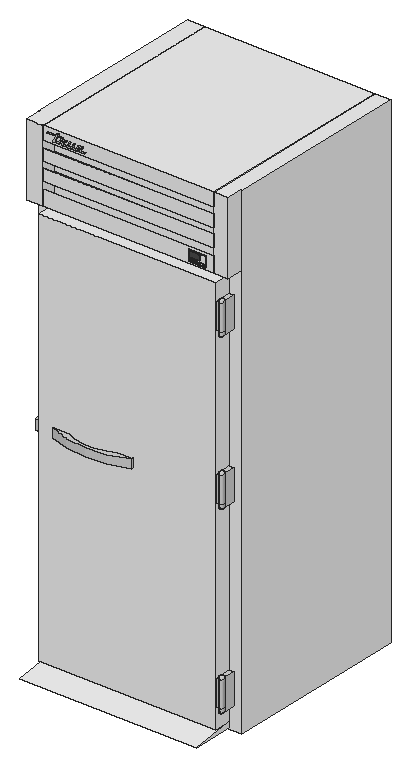
Revit family
Parameters
  Weight in Pounds = 0
  Watts = 2000 W
  Volts = 115 V
  URL Cutsheet = "www.truemfg.com"
  URL = "www.truemfg.com"
  Type Mark [instance] = ""
  Type Comments = ""
  Status [instance] = ""
  Specification by User [instance] = ""
  Specification by Manufacturer = ""
  Show Logo [instance] = yes
  Show Clearance [instance] = yes
  Serial Number = ""
  Seismic Rating = ""
  SMACNA No = ""
  Revision Code [instance] = ""
  Phase = 1
  Omniclass Number and Title = ""
  Number of Poles [instance] = 1
  NAFEM Spec ID Number = ""
  Model = "STG1HRI-1S"
  Min Ckt Ampacity = 0 A
  Max Overcurrent Protection = 0 A
  Masterspec = ""
  Manufacturer = "TRUE FOOD SERVICE EQUIPMENT, INC."
  Length = 35"
  Item Number [instance] = ""
  Installed By [instance] = ""
  Identify Quantity as Lot [instance] = yes
  Height = 83 3/4"
  HP = ""
  Furnished By [instance] = ""
  Foodservice Equipment Identifier [instance] = yes
  FL Amps = Watts / Volts  # 17.3913 A
  Electrical Remarks [instance] = ""
  Electric Connection Type [instance] = ""
  Elec Conn RI Height [instance] = 0"
  Elec Conn Connection Height [instance] = 0"
  Description = "Reach-in Solid Swing Heated Cabinet"
  Depth = 34 3/4"
  Cycle = 60 Hz
  Conn Plug = "14-20P"
  Conn Conduit = yes
  CSI MasterFormat = ""
  CSI Master Format = ""
  Apparent Power = if(Phase = 3, Volts * FL Amps * 1.73, Volts * FL Amps)  # 2000 VA
Reference planes (in)
  plane 1 "BACK": y = 0
  plane 2: z = 0
  plane 3 "LEFT": x = 0
  plane 4 "RIGHT": x = 35
  plane 5 "FRONT": y = -34.75
  plane 6 "TOP": z = 83.75
  plane 7: x = 2.84375
  plane 8: y = -34.7042
  plane 9: x = 32.15625
  plane 10: z = 69.90625
Forms (in)
  Extrusion 1, solid, material "QF_Finishes_Chrome - Satin"
    sketch origin (0.05, 0, 0) x (1, 0, 0) y (0, 1, 0)
      loop
        line (-0.05, 0) -> (-0.05, -32) -> (2.87859, -32) -> (2.87859, 0) -> (-0.05, 0)
    from 0 to 83.75
  Extrusion 2, solid, material "QF_Finishes_Chrome - Satin"
    sketch origin (50.15, 0, 0) x (1, 0, 0) y (0, 1, 0)
      loop
        line (-17.85, 0) -> (-17.85, -32) -> (-15.15, -32) -> (-15.15, 0) -> (-17.85, 0)
    from 0 to 83.75
  Extrusion 3, solid, material "QF_Finishes_Chrome - Satin"
    sketch origin (0, 0, 0) x (0, 1, 0) y (0, 0, 1)
      loop
        line (-34.7042, 71.28125) -> (-32, 71.28125) -> (-32, 0) -> (0, 0) -> (0, 83.75) -> (-34.7042, 83.75) -> (-34.7042, 81.46828) -> (-32.5, 79.90102) -> (-32.5, 78.77875) -> (-34.7042, 80.34601) -> (-34.7042, 78.2123) -> (-32.5, 76.64504) -> (-32.5, 75.68428) -> (-34.7042, 77.25154) -> (-34.7042, 75.15534) -> (-32.5, 73.58807) -> (-32.5, 72.3125) -> (-34.7042, 73.87976) -> (-34.7042, 71.28125)
    from 2.92859 to 32.3
  Extrusion 4, solid, material "QF_Finishes_Chrome - Satin"
    sketch origin (0, 0, 0) x (1, 0, 0) y (0, 1, 0)
      loop
        line (34.84782, -32) -> (32.3, -32) -> (32.3, -34.75) -> (34.84782, -34.75) -> (34.84782, -32)
    from 71.28125 to 83.75
  Extrusion 5, solid, material "QF_Finishes_Chrome - Satin"
    sketch origin (-50.125, 0, 0.25) x (1, 0, 0) y (0, 1, 0)
      loop
        line (53.05359, -32) -> (50.24109, -32) -> (50.24109, -34.75) -> (53.05359, -34.75) -> (53.05359, -32)
    from 71.03125 to 83.5
  Extrusion 6, solid, material "QF_Finishes_Chrome - Satin"
    sketch origin (-24.96875, -1, -0.71875) x (1, 0, 0) y (0, 0, 1)
      loop
        line (27.25, 1.71875) -> (57.65625, 1.71875) -> (57.65625, 70.625) -> (27.25, 70.625) -> (27.25, 1.71875)
    from 31 to 33.75
  Extrusion 7, solid, material "QF_Finishes_Handrails and Railings"
    sketch origin (58.625, -0.25, 25.43519) x (1, 0, 0) y (0, 1, 0)
      loop
        line (-53.875, -34.5) -> (-53.875, -34.7)
        arc (-53.875, -34.7) -> (-47.075, -36.14405) -> (-40.275, -34.7) r 16.7325
        line (-40.275, -34.7) -> (-40.275, -34.5) -> (-42.675, -34.5)
        arc (-42.675, -34.5) -> (-47.075, -35.65816) -> (-51.475, -34.5) r 8.93715
        line (-51.475, -34.5) -> (-53.875, -34.5)
    from 10.87731 to 12.37731
  Extrusion 8, solid, material "QF_Finishes_Handrails and Railings"
    sketch origin (-23.375, 0, -3) x (1, 0, 0) y (0, 0, 1)
      loop
        circle (26.4375, 40.0625) r 0.35
      loop
        line (26.47265, 40.33635) -> (26.41715, 40.33635) -> (26.41715, 39.76895) -> (26.47265, 39.76895) -> (26.47265, 40.33635)
    from 33.5 to 33.83066
  Extrusion 9, solid, material "QF_Finishes_Handrails and Railings", visible <- "Show Logo"
    sketch origin (0.33478, 0.06376, 5.01857) x (1, 0, 0) y (0, 0, 1)
      loop
        line (3.46044, 78.08731) -> (3.35478, 77.86073) -> (4.76027, 77.86073)
        arc (4.76027, 77.86073) -> (4.78879, 77.81028) -> (4.76027, 77.75984) r 0.05887
        line (4.76027, 77.75984) -> (4.39369, 76.97372)
        arc (4.39369, 76.97372) -> (4.39051, 76.90091) -> (4.43975, 76.84717) r 0.09523
        line (4.43975, 76.84717) -> (5.33844, 76.84717)
        arc (5.33844, 76.84717) -> (5.45192, 76.88295) -> (5.52436, 76.97735) r 0.19785
        line (5.52436, 76.97735) -> (5.81285, 77.59601) -> (6.0779, 77.59601)
        arc (6.0779, 77.59601) -> (6.14744, 77.57043) -> (6.13737, 77.49703) r 0.05911
        line (6.13737, 77.49703) -> (5.89598, 76.97937)
        arc (5.89598, 76.97937) -> (5.89974, 76.8934) -> (5.97231, 76.84717) r 0.09318
        line (5.97231, 76.84717) -> (6.76198, 76.84717)
        arc (6.76198, 76.84717) -> (6.82249, 76.86919) -> (6.85468, 76.92495) r 0.09412
        arc (6.85468, 76.92495) -> (6.87746, 76.86995) -> (6.93246, 76.84717) r 0.07778
        line (6.93246, 76.84717) -> (7.43246, 76.84717)
        arc (7.43246, 76.84717) -> (7.49022, 76.86265) -> (7.53251, 76.90493) r 0.11552
        arc (7.53251, 76.90493) -> (7.55275, 76.85606) -> (7.60162, 76.83581) r 0.06912
        line (7.60162, 76.83581) -> (8.31225, 76.83581)
        arc (8.31225, 76.83581) -> (8.37034, 76.85988) -> (8.39441, 76.91797) r 0.08216
        arc (8.39441, 76.91797) -> (8.44767, 76.86472) -> (8.52042, 76.84522) r 0.14551
        line (8.52042, 76.84522) -> (9.85158, 76.84522) -> (9.99946, 77.10134) -> (8.65678, 77.10134)
        arc (8.65678, 77.10134) -> (8.61972, 77.12704) -> (8.61834, 77.17211) r 0.05009
        line (8.61834, 77.17211) -> (8.64157, 77.22192)
        arc (8.64157, 77.22192) -> (8.67723, 77.26864) -> (8.73327, 77.28635) r 0.09747
        line (8.73327, 77.28635) -> (9.16485, 77.28635)
        arc (9.16485, 77.28635) -> (9.258, 77.31131) -> (9.32619, 77.3795) r 0.1863
        line (9.32619, 77.3795) -> (9.45119, 77.59601)
        arc (9.45119, 77.59601) -> (9.45119, 77.71157) -> (9.35111, 77.76934) r 0.11556
        line (9.35111, 77.76934) -> (8.89562, 77.76934)
        arc (8.89562, 77.76934) -> (8.7795, 77.74962) -> (8.69849, 77.66412) r 0.18605
        line (8.69849, 77.66412) -> (8.48204, 77.19993)
        arc (8.48204, 77.19993) -> (8.41815, 77.11667) -> (8.31806, 77.08511) r 0.1745
        line (8.31806, 77.08511) -> (7.84559, 77.08511)
        arc (7.84559, 77.08511) -> (7.78903, 77.14684) -> (7.79268, 77.23048) r 0.10939
        line (7.79268, 77.23048) -> (8.04395, 77.76934) -> (7.88403, 77.76934) -> (7.61781, 77.19844)
        arc (7.61781, 77.19844) -> (7.56609, 77.13103) -> (7.48505, 77.10548) r 0.14128
        line (7.48505, 77.10548) -> (7.15925, 77.10548)
        arc (7.15925, 77.10548) -> (7.10419, 77.17723) -> (7.116, 77.26689) r 0.11816
        line (7.116, 77.26689) -> (7.3503, 77.76934) -> (7.18514, 77.76934) -> (6.91546, 77.191)
        arc (6.91546, 77.191) -> (6.85285, 77.12839) -> (6.76733, 77.10548) r 0.17104
        line (6.76733, 77.10548) -> (6.29555, 77.10548)
        arc (6.29555, 77.10548) -> (6.21082, 77.14499) -> (6.20267, 77.23813) r 0.0935
        line (6.20267, 77.23813) -> (6.35774, 77.57069) -> (6.57695, 77.57069)
        arc (6.57695, 77.57069) -> (6.61395, 77.68217) -> (6.69267, 77.76934) r 0.2857
        line (6.69267, 77.76934) -> (5.83605, 77.76934)
        arc (5.83605, 77.76934) -> (5.74086, 77.74824) -> (5.67498, 77.67635) r 0.16212
        line (5.67498, 77.67635) -> (5.44279, 77.17841)
        arc (5.44279, 77.17841) -> (5.3894, 77.12502) -> (5.31647, 77.10548) r 0.14586
        line (5.31647, 77.10548) -> (4.80506, 77.10548)
        arc (4.80506, 77.10548) -> (4.76514, 77.15942) -> (4.77274, 77.22609) r 0.09155
        line (4.77274, 77.22609) -> (5.11018, 77.86073) -> (5.96155, 77.86073) -> (6.06721, 78.08731) -> (5.21584, 78.08731) -> (5.32149, 78.31388) -> (5.01862, 78.31388) -> (4.91297, 78.08731) -> (3.46044, 78.08731)
      loop
        arc (8.83805, 77.56363) -> (8.80119, 77.55375) -> (8.7742, 77.52676) r 0.07373
        line (8.7742, 77.52676) -> (8.75229, 77.45936)
        arc (8.75229, 77.45936) -> (8.76245, 77.43483) -> (8.78699, 77.42466) r 0.0347
        line (8.78699, 77.42466) -> (9.15948, 77.42466)
        arc (9.15948, 77.42466) -> (9.18632, 77.43061) -> (9.20812, 77.44734) r 0.0635
        line (9.20812, 77.44734) -> (9.22624, 77.53122)
        arc (9.22624, 77.53122) -> (9.22091, 77.55368) -> (9.20009, 77.56363) r 0.02676
        line (9.20009, 77.56363) -> (8.83805, 77.56363)
    from 34.76797 to 34.83173
  Extrusion 10, solid, material "QF_Finishes_White"
    sketch origin (-22.74812, 0.0458, -7.91247) x (1, 0, 0) y (0, 0, 1)
      loop
        line (50.81732, 81.35727) -> (50.81732, 79.60996) -> (53.72357, 79.60996) -> (53.72357, 81.35727) -> (50.81732, 81.35727)
    from 34.75 to 34.76797
  Extrusion 11, solid, material "QF_Finishes_Black"
    sketch origin (-22.74812, 0.0458, -7.91247) x (1, 0, 0) y (0, 0, 1)
      loop
        line (53.78607, 81.41977) -> (50.75482, 81.41977) -> (50.75482, 79.54746) -> (53.78607, 79.54746) -> (53.78607, 81.41977)
      loop
        spline (50.95482, 79.87872) -> (50.96333, 79.86254) -> (50.98831, 79.84747) -> (51.02804, 79.83452) -> (51.07982, 79.82459) -> (51.14011, 79.81835) -> (51.20482, 79.81622) -> (51.26952, 79.81835) -> (51.32982, 79.82459) -> (51.38159, 79.83452) -> (51.42132, 79.84747) -> (51.4463, 79.86254) -> (51.45482, 79.87872)
        spline (51.45482, 79.87872) -> (51.4463, 79.89489) -> (51.42132, 79.90997) -> (51.38159, 79.92291) -> (51.32982, 79.93284) -> (51.26952, 79.93909) -> (51.20482, 79.94122) -> (51.14011, 79.93909) -> (51.07982, 79.93284) -> (51.02804, 79.92291) -> (50.98831, 79.90997) -> (50.96333, 79.89489) -> (50.95482, 79.87872)
      loop
        spline (51.65083, 79.87872) -> (51.65935, 79.86254) -> (51.68432, 79.84747) -> (51.72405, 79.83452) -> (51.77583, 79.82459) -> (51.83612, 79.81835) -> (51.90083, 79.81622) -> (51.96553, 79.81835) -> (52.02583, 79.82459) -> (52.07761, 79.83452) -> (52.11734, 79.84747) -> (52.14231, 79.86254) -> (52.15083, 79.87872)
        spline (52.15083, 79.87872) -> (52.14231, 79.89489) -> (52.11734, 79.90997) -> (52.07761, 79.92291) -> (52.02583, 79.93284) -> (51.96553, 79.93909) -> (51.90083, 79.94122) -> (51.83612, 79.93909) -> (51.77583, 79.93284) -> (51.72405, 79.92291) -> (51.68432, 79.90997) -> (51.65935, 79.89489) -> (51.65083, 79.87872)
      loop
        spline (52.40083, 79.87872) -> (52.40935, 79.86254) -> (52.43432, 79.84747) -> (52.47405, 79.83452) -> (52.52583, 79.82459) -> (52.58612, 79.81835) -> (52.65083, 79.81622) -> (52.71553, 79.81835) -> (52.77583, 79.82459) -> (52.82761, 79.83452) -> (52.86734, 79.84747) -> (52.89231, 79.86254) -> (52.90083, 79.87872)
        spline (52.90083, 79.87872) -> (52.89231, 79.89489) -> (52.86734, 79.90997) -> (52.82761, 79.92291) -> (52.77583, 79.93284) -> (52.71553, 79.93909) -> (52.65083, 79.94122) -> (52.58612, 79.93909) -> (52.52583, 79.93284) -> (52.47405, 79.92291) -> (52.43432, 79.90997) -> (52.40935, 79.89489) -> (52.40083, 79.87872)
      loop
        line (50.95481, 81.21978) -> (50.95481, 80.21978) -> (52.65433, 80.21978) -> (52.65433, 81.21978) -> (50.95481, 81.21978)
      loop
        line (53.72357, 81.35727) -> (50.81732, 81.35727) -> (50.81732, 79.60996) -> (53.72357, 79.60996) -> (53.72357, 81.35727)
      loop
        spline (53.15083, 79.87872) -> (53.15935, 79.86254) -> (53.18432, 79.84747) -> (53.22405, 79.83452) -> (53.27583, 79.82459) -> (53.33612, 79.81835) -> (53.40083, 79.81622) -> (53.46553, 79.81835) -> (53.52583, 79.82459) -> (53.57761, 79.83452) -> (53.61734, 79.84747) -> (53.64231, 79.86254) -> (53.65083, 79.87872)
        spline (53.65083, 79.87872) -> (53.64231, 79.89489) -> (53.61734, 79.90997) -> (53.57761, 79.92291) -> (53.52583, 79.93284) -> (53.46553, 79.93909) -> (53.40083, 79.94122) -> (53.33612, 79.93909) -> (53.27583, 79.93284) -> (53.22405, 79.92291) -> (53.18432, 79.90997) -> (53.15935, 79.89489) -> (53.15083, 79.87872)
    from 34.76797 to 34.80335
  Extrusion 12, solid
    sketch origin (-25.125, 0, 0) x (1, 0, 0) y (0, 0, 1)
      loop
        circle (56.875, 81.625) r 0.25
    from 0 to 0.0625
  Blend 13, solid, material "QF_Finishes_Handrails and Railings"
    base sketch origin (27.53125, -1, -1) x (-1, 0, 0) y (0, 0, -1)
      loop
        line (25.25, -38.99169) -> (26, -38.99169) -> (26, -37.24169) -> (25.25, -37.24169) -> (25.25, -38.99169)
    top sketch origin (27.53125, 0, -1) x (-1, 0, 0) y (0, 0, -1)
      loop
        line (26.18223, -36.6441) -> (25.25, -36.6441) -> (25.25, -39.42643) -> (26.18223, -39.42643) -> (26.18223, -36.6441)
    from 33.57883 to 32
  Extrusion 14, solid, material "QF_Finishes_Handrails and Railings"
    sketch origin (33.78125, 0, 3) x (0, 1, 0) y (0, 0, -1)
      loop
        line (-32, -64.17729) -> (-32, -58.86127) -> (-34.25, -58.86127) -> (-34.25, -59.57348) -> (-33.81497, -59.57348) -> (-33.81497, -63.97276)
        arc (-33.81497, -63.97276) -> (-33.75506, -64.11738) -> (-33.61044, -64.17729) r 0.20453
        line (-33.61044, -64.17729) -> (-32, -64.17729)
    from 0.17506 to 1
  Revolve 15, solid, material "QF_Finishes_Handrails and Railings"
    sketch origin (33.28125, 0, 3) x (0, 1, 0) y (0, 0, -1)
      loop
        line (-34.26563, -59.62689) -> (-34.67229, -59.62689) -> (-34.67229, -64.0986)
        arc (-34.67229, -64.0986) -> (-34.53722, -64.35057) -> (-34.26563, -64.43983) r 0.3848
        line (-34.26563, -64.43983) -> (-34.26563, -59.62689)
      loop
        line (-34.26563, -59.57348) -> (-34.26563, -58.67281)
        arc (-34.26563, -58.67281) -> (-34.53264, -58.75883) -> (-34.67229, -59.00212) r 0.38884
        line (-34.67229, -59.00212) -> (-34.67229, -59.57348) -> (-34.26563, -59.57348)
      axis (-34.26563, -58.67281) -> (-34.26563, -64.43983)
    angle from 0 to 360
  Extrusion 16, solid, material "QF_Finishes_Handrails and Railings"
    sketch origin (27.5, -1.07734, 3.0011) x (-1, 0, 0) y (0, 0, -1)
      loop
        line (-5.58509, -64.0986) -> (-5.1875, -64.0986) -> (-5.1875, -59.62579) -> (-5.58509, -59.62579) -> (-5.58509, -64.0986)
    from 32.81497 to 33.59495
  Extrusion 17, solid, material "QF_Finishes_Handrails and Railings"
    sketch origin (33.78125, 0, -24) x (0, 1, 0) y (0, 0, -1)
      loop
        line (-32, -64.55229) -> (-32, -59.23627) -> (-34.25, -59.23627) -> (-34.25, -59.94848) -> (-33.81497, -59.94848) -> (-33.81497, -64.34776)
        arc (-33.81497, -64.34776) -> (-33.75506, -64.49238) -> (-33.61044, -64.55229) r 0.20453
        line (-33.61044, -64.55229) -> (-32, -64.55229)
    from 0.17506 to 1
  Revolve 18, solid, material "QF_Finishes_Handrails and Railings"
    sketch origin (33.28125, 0, -24) x (0, 1, 0) y (0, 0, -1)
      loop
        line (-34.26563, -60.00189) -> (-34.67229, -60.00189) -> (-34.67229, -64.4736)
        arc (-34.67229, -64.4736) -> (-34.53722, -64.72557) -> (-34.26563, -64.81483) r 0.3848
        line (-34.26563, -64.81483) -> (-34.26563, -60.00189)
      loop
        line (-34.26563, -59.94848) -> (-34.26563, -59.04781)
        arc (-34.26563, -59.04781) -> (-34.53264, -59.13383) -> (-34.67229, -59.37712) r 0.38884
        line (-34.67229, -59.37712) -> (-34.67229, -59.94848) -> (-34.26563, -59.94848)
      axis (-34.26563, -59.04781) -> (-34.26563, -64.81483)
    angle from 0 to 360
  Extrusion 19, solid, material "QF_Finishes_Handrails and Railings"
    sketch origin (27.5, -1.07734, -23.9989) x (-1, 0, 0) y (0, 0, -1)
      loop
        line (-5.58509, -64.4736) -> (-5.1875, -64.4736) -> (-5.1875, -60.00079) -> (-5.58509, -60.00079) -> (-5.58509, -64.4736)
    from 32.81497 to 33.59495
  Extrusion 20, solid, material "QF_Finishes_Handrails and Railings"
    sketch origin (33.78125, 0, -55.5) x (0, 1, 0) y (0, 0, -1)
      loop
        line (-32, -64.55229) -> (-32, -59.23627) -> (-34.25, -59.23627) -> (-34.25, -59.94848) -> (-33.81497, -59.94848) -> (-33.81497, -64.34776)
        arc (-33.81497, -64.34776) -> (-33.75506, -64.49238) -> (-33.61044, -64.55229) r 0.20453
        line (-33.61044, -64.55229) -> (-32, -64.55229)
    from 0.17506 to 1
  Revolve 21, solid, material "QF_Finishes_Handrails and Railings"
    sketch origin (33.28125, 0, -55.5) x (0, 1, 0) y (0, 0, -1)
      loop
        line (-34.26563, -60.00189) -> (-34.67229, -60.00189) -> (-34.67229, -64.4736)
        arc (-34.67229, -64.4736) -> (-34.53722, -64.72557) -> (-34.26563, -64.81483) r 0.3848
        line (-34.26563, -64.81483) -> (-34.26563, -60.00189)
      loop
        line (-34.26563, -59.94848) -> (-34.26563, -59.04781)
        arc (-34.26563, -59.04781) -> (-34.53264, -59.13383) -> (-34.67229, -59.37712) r 0.38884
        line (-34.67229, -59.37712) -> (-34.67229, -59.94848) -> (-34.26563, -59.94848)
      axis (-34.26563, -59.04781) -> (-34.26563, -64.81483)
    angle from 0 to 360
  Extrusion 22, solid, material "QF_Finishes_Handrails and Railings"
    sketch origin (27.5, -1.07734, -55.4989) x (-1, 0, 0) y (0, 0, -1)
      loop
        line (-5.58509, -64.4736) -> (-5.1875, -64.4736) -> (-5.1875, -60.00079) -> (-5.58509, -60.00079) -> (-5.58509, -64.4736)
    from 32.81497 to 33.59495
  Extrusion 23, solid, material "QF_Finishes_Door Clearance", visible <- "Show Clearance", detail levels coarse
    sketch origin (26.42841, -3.6098, 0) x (1, 0, 0) y (0, 1, 0)
      loop
        line (6.25909, -31.1402) -> (-24.14716, -31.1402)
        arc (-24.14716, -31.1402) -> (-15.24138, -52.64067) -> (6.25909, -61.54645) r 30.40625
        line (6.25909, -61.54645) -> (6.25909, -31.1402)
    from 1 to 69.90625
  Extrusion 24, solid, material "QF_Finishes_Chrome - Satin"
    sketch origin (32.6875, -1, 8.03125) x (0, 0, 1) y (0, -1, 0)
      loop
        line (-8.03125, 37.875) -> (-8.03125, 31) -> (-7.03125, 31) -> (-8.03125, 37.875)
    from 0 to -30.40625
Cuts and joins
  joined: Extrusion 1, Extrusion 2, Extrusion 4, Extrusion 5
Lines and regions (in)
  symbolic lines
    curve 1: line (0, 0, 0) -> (35, 0, 0)
    curve 2: line (0, -34.75, 0) -> (0, 0, 0)
    curve 3: line (35, -34.75, 0) -> (0, -34.75, 0)
    curve 4: line (35, 0, 0) -> (35, -34.75, 0)
    curve 5: line (35, -32.5, 0) -> (0, -32.5, 0)
    curve 6: arc (15.95746, -34.75, 0) -> (11.55746, -35.90816, 0) -> (7.15746, -34.75, 0) r 8.93715
    curve 7: arc (4.75746, -34.95, 0) -> (11.55746, -36.39405, 0) -> (18.35746, -34.95, 0) r 16.7325
    curve 8: line (4.75746, -34.75, 0) -> (4.75746, -34.95, 0)
    curve 9: line (18.35746, -34.95, 0) -> (18.35746, -34.75, 0)
  symbolic lines, style "QF-Door Swings", visible <- "Show Clearance", detail levels coarse
    curve 10: line (32.6875, -34.75, 0) -> (32.6875, -65.15625, 0)
    curve 11: arc (32.6875, -65.15625, 0) -> (11.18703, -56.25047, 0) -> (2.28125, -34.75, 0) r 30.40625
Dimensions and locks (in)
  "Depth": plane 5 "FRONT" to plane 1 "BACK"
  plane 6 "TOP" to level = 83 3/4"  (x2)
  Extrusion 6 sketch curve to Extrusion 6 sketch curve = 30 13/32"
  Extrusion 6 to plane 1 "BACK" = 34 3/4"
  "Length": plane 3 "LEFT" to plane 4 "RIGHT"
  plane 4 "RIGHT" to plane 3 "LEFT" = 35"
  plane 10 to level = 69 29/32"
  aligned and locked: level to plane 2
Automatic sketch dimensions
  Extrusion 1 sketch curve to plane 3 "LEFT" = 0"
  plane 1 "BACK" to Extrusion 1 sketch curve = 0"
  Extrusion 1 sketch curve to Extrusion 1 sketch curve = 2.92859"
  Extrusion 1 sketch curve to plane 5 "FRONT" = 2 3/4"
  plane 1 "BACK" to Extrusion 2 sketch curve = 0"
  Extrusion 2 sketch curve to plane 4 "RIGHT" = 0"
  Extrusion 2 sketch curve to plane 5 "FRONT" = 2 3/4"
  plane 5 "FRONT" to Extrusion 4 sketch curve = 0"
  Extrusion 4 sketch curve to plane 4 "RIGHT" = 0.15218"
  Extrusion 4 sketch curve to plane 5 "FRONT" = 2 3/4"
  plane 5 "FRONT" to Extrusion 5 sketch curve = 0"
  plane 3 "LEFT" to Extrusion 5 sketch curve = 0.11609"
  Extrusion 5 sketch curve to Extrusion 5 sketch curve = 2 13/16"
  Extrusion 5 sketch curve to plane 5 "FRONT" = 2 3/4"
  plane 5 "FRONT" to Extrusion 7 sketch curve = 0"  (x2)
  Extrusion 7 sketch curve to Extrusion 7 sketch curve = 2.4"  (x2)
  Extrusion 7 sketch curve to Extrusion 7 sketch curve = 4.4"
  Extrusion 7 sketch curve to Extrusion 7 sketch curve = 0"
  Extrusion 7 sketch curve to Extrusion 7 sketch curve = 0.2"
  Extrusion 7 sketch curve to plane 5 "FRONT" = 7.77899"
  Extrusion 7 sketch curve to Extrusion 7 sketch curve = 7.30945"
  Extrusion 8 sketch curve to Extrusion 8 sketch curve = 0.02035"
  Extrusion 8 sketch curve to Extrusion 8 sketch curve = 0.0555"
  Extrusion 8 sketch curve to Extrusion 8 sketch curve = 0.29355"
  Extrusion 8 sketch curve to Extrusion 8 sketch curve = 0.27385"
  plane 3 "LEFT" to Extrusion 9 sketch curve = 3.68957"
  Extrusion 9 sketch curve to Extrusion 9 sketch curve = 0.10565"  (x5)
  Extrusion 9 sketch curve to Extrusion 9 sketch curve = 1.03891"
  Extrusion 9 sketch curve to Extrusion 9 sketch curve = 0.04606"
  Extrusion 9 sketch curve to Extrusion 9 sketch curve = 0.04025"
  Extrusion 9 sketch curve to Extrusion 9 sketch curve = 0.33624"
  Extrusion 9 sketch curve to Extrusion 9 sketch curve = 0.03034"  (x2)
  Extrusion 9 sketch curve to Extrusion 9 sketch curve = 0.29274"
  Extrusion 9 sketch curve to Extrusion 9 sketch curve = 0.03232"
  Extrusion 9 sketch curve to Extrusion 9 sketch curve = 0.08083"
  Extrusion 9 sketch curve to Extrusion 9 sketch curve = 0.1527"
  Extrusion 9 sketch curve to Extrusion 9 sketch curve = 0.19721"
  Extrusion 9 sketch curve to Extrusion 9 sketch curve = 0.4629"
  Extrusion 9 sketch curve to Extrusion 9 sketch curve = 0.02197"
  Extrusion 9 sketch curve to Extrusion 9 sketch curve = 0.12632"
  Extrusion 9 sketch curve to Extrusion 9 sketch curve = 0.18591"
  Extrusion 9 sketch curve to Extrusion 9 sketch curve = 0.2322"
  Extrusion 9 sketch curve to Extrusion 9 sketch curve = 0.13786"
  Extrusion 9 sketch curve to Extrusion 9 sketch curve = 0.00907"
  Extrusion 9 sketch curve to Extrusion 9 sketch curve = 0.01413"
  Extrusion 9 sketch curve to Extrusion 9 sketch curve = 0.37162"
  Extrusion 9 sketch curve to Extrusion 9 sketch curve = 0.12551"
  Extrusion 9 sketch curve to Extrusion 9 sketch curve = 0.07633"
  Extrusion 9 sketch curve to Extrusion 9 sketch curve = 0.08445"
  Extrusion 9 sketch curve to Extrusion 9 sketch curve = 0.25598"
  Extrusion 9 sketch curve to Extrusion 9 sketch curve = 0.01887"
  Extrusion 9 sketch curve to Extrusion 9 sketch curve = 0.04061"
  Extrusion 9 sketch curve to Extrusion 9 sketch curve = 0.0653"
  Extrusion 9 sketch curve to Extrusion 9 sketch curve = 0.08474"
  Extrusion 9 sketch curve to Extrusion 9 sketch curve = 0.00815"
  Extrusion 9 sketch curve to Extrusion 9 sketch curve = 0.22037"
  Extrusion 9 sketch curve to Extrusion 9 sketch curve = 0.21921"
  Extrusion 9 sketch curve to Extrusion 9 sketch curve = 0.11572"
  Extrusion 9 sketch curve to Extrusion 9 sketch curve = 0.46643"
  Extrusion 9 sketch curve to Extrusion 9 sketch curve = 0.00535"
  Extrusion 9 sketch curve to Extrusion 9 sketch curve = 0.09269"
  Extrusion 9 sketch curve to Extrusion 9 sketch curve = 0.09348"
  Extrusion 9 sketch curve to Extrusion 9 sketch curve = 0.14812"
  Extrusion 9 sketch curve to Extrusion 9 sketch curve = 0.07778"  (x3)
  Extrusion 9 sketch curve to Extrusion 9 sketch curve = 0.20054"
  Extrusion 9 sketch curve to Extrusion 9 sketch curve = 0.04325"
  Extrusion 9 sketch curve to Extrusion 9 sketch curve = 0.32433"
  Extrusion 9 sketch curve to Extrusion 9 sketch curve = 0.10233"  (x2)
  Extrusion 9 sketch curve to Extrusion 9 sketch curve = 0.16515"
  Extrusion 9 sketch curve to Extrusion 9 sketch curve = 0.27321"
  Extrusion 9 sketch curve to Extrusion 9 sketch curve = 0.0526"
  Extrusion 9 sketch curve to Extrusion 9 sketch curve = 0.10005"
  Extrusion 9 sketch curve to Extrusion 9 sketch curve = 0.06912"
  Extrusion 9 sketch curve to Extrusion 9 sketch curve = 0.13276"
  Extrusion 9 sketch curve to Extrusion 9 sketch curve = 0.17486"
  Extrusion 9 sketch curve to Extrusion 9 sketch curve = 0.05291"
  Extrusion 9 sketch curve to Extrusion 9 sketch curve = 0.53374"
  Extrusion 9 sketch curve to Extrusion 9 sketch curve = 0.09914"  (x2)
  Extrusion 9 sketch curve to Extrusion 9 sketch curve = 0.15992"
  Extrusion 9 sketch curve to Extrusion 9 sketch curve = 0.46666"
  Extrusion 9 sketch curve to Extrusion 9 sketch curve = 0.00582"
  Extrusion 9 sketch curve to Extrusion 9 sketch curve = 0.08216"
  Extrusion 9 sketch curve to Extrusion 9 sketch curve = 0.16397"
  Extrusion 9 sketch curve to Extrusion 9 sketch curve = 0.12601"
  Extrusion 9 sketch curve to Extrusion 9 sketch curve = 0.1363"
  Extrusion 9 sketch curve to Extrusion 9 sketch curve = 0.02323"
  Extrusion 9 sketch curve to Extrusion 9 sketch curve = 0.03844"
  Extrusion 9 sketch curve to Extrusion 9 sketch curve = 0.0454"
  Extrusion 9 sketch curve to Extrusion 9 sketch curve = 0.05693"
  Extrusion 9 sketch curve to Extrusion 9 sketch curve = 0.0917"
  Extrusion 9 sketch curve to Extrusion 9 sketch curve = 0.01902"
  Extrusion 9 sketch curve to Extrusion 9 sketch curve = 0.02191"
  Extrusion 9 sketch curve to Extrusion 9 sketch curve = 0.0347"
  Extrusion 9 sketch curve to Extrusion 9 sketch curve = 0.06385"
  Extrusion 9 sketch curve to Extrusion 9 sketch curve = 0.02906"
  Extrusion 9 sketch curve to Extrusion 9 sketch curve = 0.02851"
  Extrusion 9 sketch curve to Extrusion 9 sketch curve = 0.29237"
  Extrusion 9 sketch curve to Extrusion 9 sketch curve = 0.00537"
  Extrusion 9 sketch curve to Extrusion 9 sketch curve = 0.0406"
  Extrusion 9 sketch curve to Extrusion 9 sketch curve = 0.04327"
  Extrusion 9 sketch curve to Extrusion 9 sketch curve = 0.02615"
  Extrusion 9 sketch curve to Extrusion 9 sketch curve = 0.11806"
  Extrusion 9 sketch curve to Extrusion 9 sketch curve = 0.15103"
  Extrusion 9 sketch curve to Extrusion 9 sketch curve = 0.10007"
  Extrusion 9 sketch curve to Extrusion 9 sketch curve = 0.5254"
  Extrusion 9 sketch curve to Extrusion 9 sketch curve = 0.14787"
  Extrusion 9 sketch curve to plane 6 "TOP" = 1.89562"
  Extrusion 9 sketch curve to Extrusion 9 sketch curve = 0.07275"
  Extrusion 9 sketch curve to Extrusion 9 sketch curve = 0.05776"
  Extrusion 9 sketch curve to Extrusion 9 sketch curve = 0.08631"
  Extrusion 9 sketch curve to Extrusion 9 sketch curve = 0.09282"
  Extrusion 9 sketch curve to Extrusion 9 sketch curve = 0.13018"
  Extrusion 9 sketch curve to Extrusion 9 sketch curve = 0.16714"
  Extrusion 9 sketch curve to Extrusion 9 sketch curve = 0.11061"
  Extrusion 9 sketch curve to Extrusion 9 sketch curve = 0.06046"
  Extrusion 9 sketch curve to Extrusion 9 sketch curve = 0.16548"
  Extrusion 9 sketch curve to Extrusion 9 sketch curve = 0.14279"
  Extrusion 9 sketch curve to Extrusion 9 sketch curve = 0.0496"
  Extrusion 9 sketch curve to Extrusion 9 sketch curve = 0.07293"
  Extrusion 9 sketch curve to Extrusion 9 sketch curve = 0.07764"
  Extrusion 9 sketch curve to Extrusion 9 sketch curve = 0.03794"
  Extrusion 9 sketch curve to Extrusion 9 sketch curve = 0.08552"
  Extrusion 9 sketch curve to Extrusion 9 sketch curve = 0.09296"
  Extrusion 9 sketch curve to Extrusion 9 sketch curve = 0.09314"
  Extrusion 9 sketch curve to Extrusion 9 sketch curve = 0.02781"
  Extrusion 9 sketch curve to Extrusion 9 sketch curve = 0.04981"
  Extrusion 9 sketch curve to Extrusion 9 sketch curve = 0.09315"
  Extrusion 9 sketch curve to Extrusion 9 sketch curve = 0.04799"
  Extrusion 9 sketch curve to Extrusion 9 sketch curve = 0.02531"
  Extrusion 9 sketch curve to Extrusion 9 sketch curve = 0.03054"
  Extrusion 9 sketch curve to Extrusion 9 sketch curve = 0.2589"
  Extrusion 9 sketch curve to Extrusion 9 sketch curve = 0.0674"
  Extrusion 9 sketch curve to Extrusion 9 sketch curve = 0.0324"
  Extrusion 9 sketch curve to Extrusion 9 sketch curve = 0.26185"
  Extrusion 9 sketch curve to Extrusion 9 sketch curve = 11/256"
  Extrusion 9 sketch curve to Extrusion 9 sketch curve = 0.07366"
  Extrusion 9 sketch curve to Extrusion 9 sketch curve = 0.02187"
  Extrusion 9 sketch curve to Extrusion 9 sketch curve = 0.06479"
  Extrusion 9 sketch curve to Extrusion 9 sketch curve = 0.01183"
  Extrusion 9 sketch curve to Extrusion 9 sketch curve = 0.05778"
  Extrusion 9 sketch curve to Extrusion 9 sketch curve = 0.53375"
  Extrusion 9 sketch curve to Extrusion 9 sketch curve = 0.23098"
  Extrusion 9 sketch curve to Extrusion 9 sketch curve = 0"
  Extrusion 9 sketch curve to Extrusion 9 sketch curve = 0.05045"
  Extrusion 9 sketch curve to Extrusion 9 sketch curve = 0.09139"
  Extrusion 9 sketch curve to Extrusion 9 sketch curve = 29/128"  (x3)
  Extrusion 12 sketch curve to plane 6 "TOP" = 2 1/8"
  Blend 13 sketch curve to Blend 13 sketch curve = 1 3/4"
  Blend 13 sketch curve to Blend 13 sketch curve = 2.78233"
  Extrusion 14 sketch curve to plane 5 "FRONT" = 1/2"
  Extrusion 14 sketch curve to Extrusion 14 sketch curve = 0.43503"
  Extrusion 14 sketch curve to Extrusion 14 sketch curve = 0.20453"
  Extrusion 14 sketch curve to Extrusion 14 sketch curve = 1.61044"
  Extrusion 14 sketch curve to plane 6 "TOP" = 16.57271"
  Extrusion 14 sketch curve to Extrusion 14 sketch curve = 4.39928"
  Extrusion 14 sketch curve to Extrusion 14 sketch curve = 0.71221"
  Revolve 15 sketch curve to plane 5 "FRONT" = 0.07771"  (x2)
  Revolve 15 sketch curve to Revolve 15 sketch curve = 0.38242"
  Revolve 15 sketch curve to Revolve 15 sketch curve = 0.38436"
  Revolve 15 sketch curve to plane 5 "FRONT" = 31/64"
  Revolve 15 sketch curve to Revolve 15 sketch curve = 0.40666"
  Revolve 15 sketch curve to Revolve 15 sketch curve = 0"
  Revolve 15 sketch curve to plane 6 "TOP" = 15.75492"
  Revolve 15 sketch curve to Revolve 15 sketch curve = 0.55526"
  Revolve 15 sketch curve to Revolve 15 sketch curve = 0.19474"
  Revolve 15 sketch curve to Revolve 15 sketch curve = 0.14649"
  Revolve 15 sketch curve to Revolve 15 sketch curve = 4.42889"
  Revolve 15 sketch curve to Revolve 15 sketch curve = 0.05342"
  Revolve 15 sketch curve to Revolve 15 sketch curve = 0.51246"
  Revolve 15 sketch curve to Revolve 15 sketch curve = 0.05889"
  Extrusion 16 sketch curve to Extrusion 16 sketch curve = 0.39759"
  Extrusion 16 sketch curve to plane 6 "TOP" = 16.6503"
  Extrusion 16 sketch curve to Extrusion 16 sketch curve = 4.47281"
  Extrusion 17 sketch curve to plane 5 "FRONT" = 1/2"
  Extrusion 17 sketch curve to Extrusion 17 sketch curve = 0.43503"
  Extrusion 17 sketch curve to Extrusion 17 sketch curve = 0.20453"
  Extrusion 17 sketch curve to Extrusion 17 sketch curve = 1.61044"
  Extrusion 17 sketch curve to Extrusion 17 sketch curve = 4.39928"
  Extrusion 17 sketch curve to Extrusion 17 sketch curve = 0.71221"
  Revolve 18 sketch curve to plane 5 "FRONT" = 0.07771"  (x2)
  Revolve 18 sketch curve to Revolve 18 sketch curve = 0.38242"
  Revolve 18 sketch curve to Revolve 18 sketch curve = 0.38436"
  Revolve 18 sketch curve to plane 5 "FRONT" = 31/64"
  Revolve 18 sketch curve to Revolve 18 sketch curve = 0.40666"
  Revolve 18 sketch curve to Revolve 18 sketch curve = 0"
  Revolve 18 sketch curve to Revolve 18 sketch curve = 0.55526"
  Revolve 18 sketch curve to Revolve 18 sketch curve = 0.19474"
  Revolve 18 sketch curve to Revolve 18 sketch curve = 0.14649"
  Revolve 18 sketch curve to Revolve 18 sketch curve = 4.42889"
  Revolve 18 sketch curve to Revolve 18 sketch curve = 0.05342"
  Revolve 18 sketch curve to Revolve 18 sketch curve = 0.51246"
  Revolve 18 sketch curve to Revolve 18 sketch curve = 0.05889"
  Extrusion 19 sketch curve to Extrusion 19 sketch curve = 0.39759"
  Extrusion 19 sketch curve to Extrusion 19 sketch curve = 4.47281"
  Extrusion 20 sketch curve to plane 5 "FRONT" = 1/2"
  Extrusion 20 sketch curve to Extrusion 20 sketch curve = 0.43503"
  Extrusion 20 sketch curve to Extrusion 20 sketch curve = 0.20453"
  Extrusion 20 sketch curve to Extrusion 20 sketch curve = 1.61044"
  Extrusion 20 sketch curve to Extrusion 20 sketch curve = 0.71221"
  Revolve 21 sketch curve to plane 5 "FRONT" = 0.07771"  (x2)
  Revolve 21 sketch curve to Revolve 21 sketch curve = 0.38242"
  Revolve 21 sketch curve to Revolve 21 sketch curve = 0.38436"
  Revolve 21 sketch curve to plane 5 "FRONT" = 31/64"
  Revolve 21 sketch curve to Revolve 21 sketch curve = 0.40666"
  Revolve 21 sketch curve to Revolve 21 sketch curve = 0"
  Revolve 21 sketch curve to Revolve 21 sketch curve = 0.55526"
  Revolve 21 sketch curve to Revolve 21 sketch curve = 0.19474"
  Revolve 21 sketch curve to Revolve 21 sketch curve = 0.14649"
  Revolve 21 sketch curve to Revolve 21 sketch curve = 0.05342"
  Revolve 21 sketch curve to Revolve 21 sketch curve = 0.51246"
  Revolve 21 sketch curve to Revolve 21 sketch curve = 0.05889"
  Extrusion 22 sketch curve to Extrusion 22 sketch curve = 0.39759"
  Extrusion 3 sketch curve to plane 8 = 0"  (x4)
  Extrusion 3 sketch curve to plane 6 "TOP" = 0"
  plane 8 to Extrusion 3 sketch curve = 2.2042"  (x2)
  Extrusion 3 sketch curve to Extrusion 3 sketch curve = 0"
  Extrusion 3 sketch curve to Extrusion 3 sketch curve = 1/2"
  plane 1 "BACK" to Extrusion 3 sketch curve = 0"
  Extrusion 3 sketch curve to plane 6 "TOP" = 2.28172"
  Extrusion 3 sketch curve to Extrusion 3 sketch curve = 1.12227"  (x2)
  Extrusion 3 sketch curve to Extrusion 3 sketch curve = 0.445"
  Extrusion 3 sketch curve to Extrusion 3 sketch curve = 2.13371"  (x2)
  Extrusion 3 sketch curve to Extrusion 3 sketch curve = 0.96076"  (x2)
  Extrusion 3 sketch curve to Extrusion 3 sketch curve = 2.0962"  (x2)
  Extrusion 3 sketch curve to Extrusion 3 sketch curve = 1.27557"  (x2)
  Extrusion 3 sketch curve to Extrusion 3 sketch curve = 1 1/32"
  Blend 13 sketch curve to Blend 13 sketch curve = 3/4"
  Blend 13 sketch curve to Blend 13 sketch curve = 0.93223"
  Extrusion 2 sketch curve to plane 4 "RIGHT" = 2.7"
  Extrusion 4 sketch curve to Extrusion 4 sketch curve = 2.54782"
  plane 7 to Extrusion 7 sketch curve = 1 29/32"
  plane 7 to Extrusion 8 sketch curve = 0.1984"
  Extrusion 12 sketch curve to plane 4 "RIGHT" = 3 1/4"
  Blend 13 sketch curve to plane 7 = 9/16"
  plane 7 to Blend 13 sketch curve = 9/16"
  Extrusion 16 sketch curve to plane 4 "RIGHT" = 1.91491"
  Extrusion 19 sketch curve to plane 4 "RIGHT" = 1.91491"
  Extrusion 22 sketch curve to plane 4 "RIGHT" = 1.91491"
  Extrusion 11 sketch curve to Extrusion 11 sketch curve = 1/4"  (x4)
  Extrusion 11 sketch curve to Extrusion 11 sketch curve = 0.4965"
  Extrusion 11 sketch curve to Extrusion 11 sketch curve = 0.0035"
  Extrusion 11 sketch curve to Extrusion 11 sketch curve = 1/2"
  Extrusion 11 sketch curve to Extrusion 11 sketch curve = 0.44601"
  Extrusion 11 sketch curve to Extrusion 11 sketch curve = 0"  (x3)
  Extrusion 11 sketch curve to Extrusion 11 sketch curve = 0.1375"  (x2)
  Extrusion 11 sketch curve to Extrusion 11 sketch curve = 1/16"  (x4)
  Extrusion 11 sketch curve to plane 6 "TOP" = 12.11501"
  Extrusion 11 sketch curve to Extrusion 11 sketch curve = 0.26876"  (x2)
  Extrusion 11 sketch curve to Extrusion 11 sketch curve = 0.34106"
  Extrusion 11 sketch curve to plane 6 "TOP" = 10.44269"
  Extrusion 10 sketch curve to plane 6 "TOP" = 10.30519"
  Extrusion 10 sketch curve to Extrusion 10 sketch curve = 1.74732"
  Extrusion 10 sketch curve to plane 4 "RIGHT" = 6.9308"
  Extrusion 10 sketch curve to Extrusion 10 sketch curve = 2 29/32"
  Extrusion 11 sketch curve to plane 4 "RIGHT" = 6.9933"
  Extrusion 11 sketch curve to Extrusion 11 sketch curve = 1.06923"
  Extrusion 6 sketch curve to plane 7 = 9/16"
  Extrusion 6 sketch curve to plane 6 "TOP" = 13 27/32"
  plane 1 "BACK" to curve 1 = 0"
  curve 1 to plane 3 "LEFT" = 0"
  plane 5 "FRONT" to curve 11 = 0"
  curve 3 to plane 4 "RIGHT" = 0"
  curve 11 to plane 7 = 9/16"
  plane 7 to curve 8 = 1.91371"
  curve 8 to curve 6 = 2.4"
  curve 7 to curve 6 = 0"
  curve 6 to curve 9 = 2.4"
  curve 11 to plane 4 "RIGHT" = 2 5/16"
  curve 9 to curve 9 = 0.2"
  curve 5 to plane 5 "FRONT" = 2 1/4"
  curve 6 to curve 7 = 7.30945"
  level to Extrusion 3 sketch curve = 0"
  level to Extrusion 6 sketch curve = 1"
  level to Extrusion 8 sketch curve = 36.76895"
  level to Blend 13 sketch curve = 37.99169"
  Blend 13 sketch curve to level = 35.6441"
  level to Extrusion 17 sketch curve = 40.55229"
  level to Revolve 18 sketch curve = 41.37008"
  level to Extrusion 19 sketch curve = 40.4747"
  level to Extrusion 20 sketch curve = 9.05229"
  Extrusion 20 sketch curve to Extrusion 20 sketch curve = 4.39928"
  level to Revolve 21 sketch curve = 9.87008"
  Revolve 21 sketch curve to Revolve 21 sketch curve = 4.42889"
  level to Extrusion 22 sketch curve = 8.9747"
  Extrusion 22 sketch curve to Extrusion 22 sketch curve = 4.47281"
  Extrusion 24 sketch curve to Extrusion 6 = 0"
  Extrusion 6 to Extrusion 24 sketch curve = 0"
  Extrusion 24 sketch curve to Extrusion 24 sketch curve = 1"
  Extrusion 24 sketch curve to Extrusion 6 = 4 1/8"
  Extrusion 23 sketch curve to plane 7 = 9/16"
  Extrusion 23 sketch curve to plane 9 = 17/32"
  plane 5 "FRONT" to Extrusion 23 sketch curve = 0"
  plane 7 to curve 7 = 8.71371"
  curve 6 to plane 5 "FRONT" = 7.77899"
  radius of Extrusion 8 sketch curve = 0.35"
  radius of Extrusion 12 sketch curve = 1/4"
Connectors (in)
  electrical at (31.75, -0.0625, 81.625), driven by "Volts", driven by "Watts"
    settings: on Extrusion 12, index 1, voltage 115 V, apparent load 2000 VA, apparent load phase1 0 VA, apparent load phase2 0 VA, apparent load phase3 0 VA, power factor 1, load classification "Other", number of poles 1, system type 30, power factor state 1, is connector primary yes, connector utility no, sub classification motor no, connector description "Electrical Connection"
